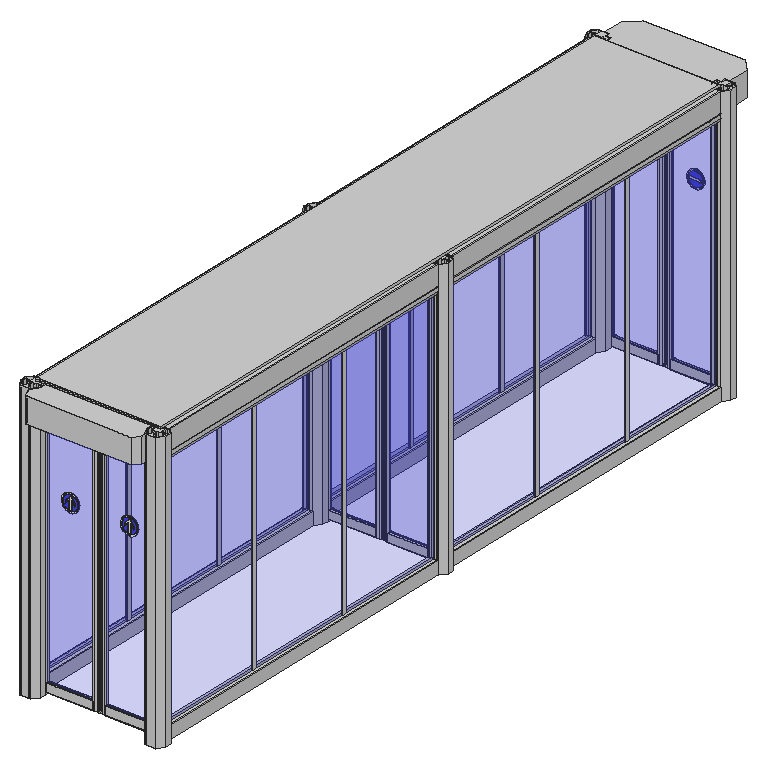
Revit family "agtatec_Record_ScrtTnnl_FlipFlowTriple_Standalone2", category Doors, Revit 2015 (continued)
Definition of nested family "Extended"
  Automatic sketch dimensions
    curve 5 to curve 6 = 100.00 mm
    Sweep 17 sketch curve to curve 5 = 0.00 mm  (x2)
    curve 5 to Sweep 17 sketch curve = 649.90 mm
    curve 5 to Sweep 17 sketch curve = 909.90 mm
    Sweep 17 sketch curve to Sweep 17 sketch curve = 75.00 mm  (x2)
    Sweep 17 sketch curve to profile plane = 0.00 mm  (x2)
    curve 5 to Extrusion 18 sketch curve = 80.00 mm
    Extrusion 18 sketch curve to curve 5 = 30.00 mm
    curve 5 to Extrusion 18 sketch curve = 664.90 mm
    curve 5 to Extrusion 18 sketch curve = 894.90 mm
    Extrusion 19 sketch curve to Extrusion 19 sketch curve = 0.00 mm  (x3)
    curve 5 to Extrusion 19 sketch curve = 160.018 mm
    Extrusion 19 sketch curve to Extrusion 19 sketch curve = 29.987 mm  (x2)
    Extrusion 19 sketch curve to Extrusion 19 sketch curve = 9.997 mm  (x2)
    Extrusion 19 sketch curve to Extrusion 19 sketch curve = 19.991 mm
    curve 5 to Extrusion 19 sketch curve = 727.779 mm
    Extrusion 19 sketch curve to Extrusion 19 sketch curve = 42.884 mm
    Extrusion 19 sketch curve to Extrusion 19 sketch curve = 42.897 mm
    Extrusion 19 sketch curve to Extrusion 19 sketch curve = 12.099 mm
    Extrusion 19 sketch curve to Extrusion 19 sketch curve = 19.445 mm  (x2)
    Extrusion 19 sketch curve to Extrusion 19 sketch curve = 23.638 mm
    Extrusion 19 sketch curve to Extrusion 19 sketch curve = 31.36 mm
    Extrusion 21 sketch curve to Extrusion 21 sketch curve = 0.00 mm  (x2)
    curve 5 to Extrusion 21 sketch curve = 145.003 mm
    Extrusion 21 sketch curve to Extrusion 21 sketch curve = 54.999 mm
    Extrusion 21 sketch curve to Extrusion 21 sketch curve = 54.997 mm
    curve 5 to Extrusion 21 sketch curve = 772.78 mm
    Extrusion 21 sketch curve to Extrusion 21 sketch curve = 9.994 mm
    Extrusion 21 sketch curve to Extrusion 21 sketch curve = 19.991 mm
    curve 8 to curve 1 = 0.00 mm
    curve 1 to curve 9 = 0.00 mm
    curve 9 to curve 1 = 10.10 mm
    curve 1 to curve 8 = 1.90 mm
    curve 10 to curve 1 = 32.80 mm
    curve 10 to curve 11 = 0.00 mm
    curve 1 to curve 13 = 41.00 mm
    curve 11 to curve 13 = 284.00 mm
    curve 12 to curve 8 = 997.00 mm
    curve 11 to curve 11 = 30.90 mm
    curve 12 to curve 12 = 30.90 mm
    Extrusion 5 sketch curve to plane 13 = 0.00 mm
    plane 14 to Extrusion 5 sketch curve = 36.10 mm  (x2)
    plane 16 to Extrusion 5 sketch curve = 142.00 mm
    Extrusion 5 sketch curve to plane 16 = 142.00 mm
    Extrusion 5 sketch curve to plane 16 = 1039.00 mm
    Extrusion 5 sketch curve to Extrusion 5 sketch curve = 100.00 mm
    Extrusion 5 sketch curve to Extrusion 5 sketch curve = 261.00 mm
    Extrusion 5 sketch curve to Extrusion 5 sketch curve = 832.00 mm
    Extrusion 6 sketch curve to plane 13 = 0.00 mm
    Extrusion 6 sketch curve to plane 14 = 36.10 mm  (x2)
    Extrusion 6 sketch curve to plane 16 = 142.00 mm
    plane 16 to Extrusion 6 sketch curve = 142.00 mm
    plane 16 to Extrusion 6 sketch curve = 1039.00 mm
    Extrusion 6 sketch curve to Extrusion 6 sketch curve = 100.00 mm
    Extrusion 6 sketch curve to Extrusion 6 sketch curve = 261.00 mm
    Extrusion 6 sketch curve to Extrusion 6 sketch curve = 832.00 mm
    Masking region 1 sketch curve to Masking region 1 sketch curve = 0.00 mm
    curve 1 to Masking region 1 sketch curve = 41.20 mm
    curve 14 to curve 2 = 0.00 mm
    curve 2 to curve 15 = 0.00 mm
    curve 15 to curve 2 = 1.90 mm
    curve 2 to curve 14 = 10.10 mm
    curve 15 to curve 20 = 680.00 mm
    curve 19 to curve 20 = 0.00 mm
    curve 19 to curve 17 = 284.00 mm
    curve 17 to curve 18 = 0.00 mm
    curve 18 to curve 16 = 997.00 mm
    curve 20 to curve 20 = 31.10 mm
    curve 18 to curve 18 = 31.10 mm
    curve 17 to curve 17 = 30.90 mm
    curve 19 to curve 19 = 30.90 mm
    plane 16 to curve 5 = 0.00 mm
    curve 5 to plane 18 = 0.00 mm
    radius of Extrusion 7 sketch curve = 21.20 mm
    radius of Sweep 11 sketch curve = 15.00 mm
    radius of Extrusion 13 sketch curve = 75.00 mm
    radius of Extrusion 13 sketch curve = 65.00 mm
    radius of Extrusion 15 sketch curve = 75.00 mm
    radius of Extrusion 15 sketch curve = 65.00 mm
    radius of Sweep 17 sketch curve = 15.00 mm
    radius of Extrusion 19 sketch curve = 75.00 mm
    radius of Extrusion 19 sketch curve = 65.00 mm
    radius of Extrusion 21 sketch curve = 75.00 mm
    radius of Extrusion 21 sketch curve = 65.00 mm
    radius of Extrusion 8 sketch curve = 21.20 mm
    radius of Extrusion 9 sketch curve = 32.50 mm
    radius of Extrusion 10 sketch curve = 32.50 mm
Types (9, lengths in mm): name | Width | WarrantyStartDate | Size | Rough Width | PassageWidthOptions | PassageWidth | PanelWidth | NominalWidth | NominalLength | Name | NBSReference | InstallationDate | HandicapAccessible | Extended
  (no name) | 1229.00 | "369.999988368056" | "2365x6577x1229" | 1229.00 | "650/900/1100/1205" | 900.00 | 473.10 | 1229.00 | 6577.00 | "record FlipFlow Triple" | "25-50-20/178" | "369.999988368056" | yes | no
  FlipFlow Triple_979 | 979.00 | "369.999988368056" | "2365x6577x979" | 979.00 | "650/900/1100/1205" | 650.00 | 348.10 | 979.00 | 6577.00 | "record FlipFlow Triple" | "25-50-20/178" | "369.999988368056" | no | no
  FlipFlow Triple extended_979 | 979.00 | "370.999988310185" | "2365x8293x979" | 979.00 | "650/900/1100/1206" | 650.00 | 348.10 | 979.00 | 8293.00 | "record FlipFlow Triple extended" | "25-50-20/179" | "370.999988310185" | no | yes
  FlipFlow Triple extended_1529 | 1529.00 | "370.999988310185" | "2365x8293x1529" | 1529.00 | "650/900/1100/1206" | 1200.00 | 623.10 | 1529.00 | 8293.00 | "record FlipFlow Triple extended" | "25-50-20/179" | "370.999988310185" | yes | yes
  FlipFlow Triple_1229 | 1229.00 | "369.999988368056" | "2365x6577x1229" | 1229.00 | "650/900/1100/1205" | 900.00 | 473.10 | 1229.00 | 6577.00 | "record FlipFlow Triple" | "25-50-20/178" | "369.999988368056" | yes | no
  FlipFlow Triple_1529 | 1529.00 | "369.999988368056" | "2365x6577x1529" | 1529.00 | "650/900/1100/1205" | 1200.00 | 623.10 | 1529.00 | 6577.00 | "record FlipFlow Triple" | "25-50-20/178" | "369.999988368056" | yes | no
  FlipFlow Triple_1429 | 1429.00 | "369.999988368056" | "2365x6577x1429" | 1429.00 | "650/900/1100/1205" | 1100.00 | 573.10 | 1429.00 | 6577.00 | "record FlipFlow Triple" | "25-50-20/178" | "369.999988368056" | yes | no
  FlipFlow Triple extended_1229 | 1229.00 | "370.999988310185" | "2365x8293x1229" | 1229.00 | "650/900/1100/1206" | 900.00 | 473.10 | 1229.00 | 8293.00 | "record FlipFlow Triple extended" | "25-50-20/179" | "370.999988310185" | yes | yes
  FlipFlow Triple extended_1429 | 1429.00 | "370.999988310185" | "2365x8293x1429" | 1429.00 | "650/900/1100/1206" | 1100.00 | 573.10 | 1429.00 | 8293.00 | "record FlipFlow Triple extended" | "25-50-20/179" | "370.999988310185" | yes | yes
